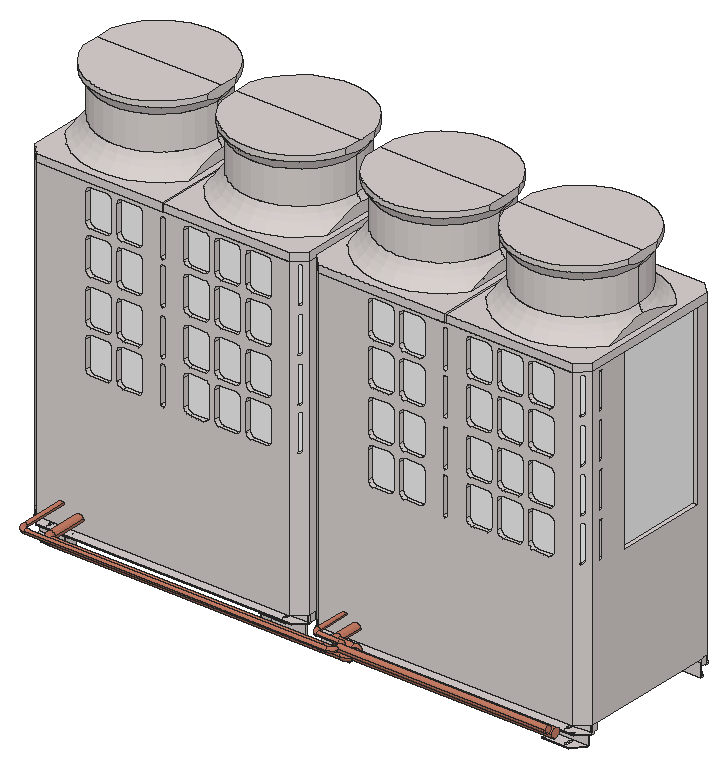
Revit family "PURY-EP850YSNW-A1", category 機械設備, Revit 2016
Family settings
  パーツ タイプ = 標準
  丸型コネクタ寸法 = 半径を使用
  OmniClass 番号 = 23.75.00.00
  OmniClass タイトル = Climate Control (HVAC)
  作業面に基づく = いいえ
  常に垂直 = はい
  ロード時にボイドで切り取り = いいえ
  共有 = いいえ
  部屋の計算ポイント = いいえ
Parameters (values of type "PURY-EP850YSNW-A1_415V_60Hz")
  WarrantyStart = ""
  Temp. range of cooling (Outdoor temp.) (D.B.) = "-5.0 to 52.0"
  Temp. range of cooling (Indoor temp.) (W.B.) = "15.0 to 24.0"
  TagNumber = 0
  SerialNumber = 0
  ReplacementYear = ""
  Outdoor unit 2 Breaker size (A) = 60
  Outdoor unit 1 Breaker size (A) = 60
  Note_1 = "Refrigerant pipe diameters may change depending on the installation condition. Please refer to the installation manual."
  モデル = "PURY-EP850YSNW-A1"
  Width = 2510.000 mm
  Voltage = 415 V
  Unit Weight (kg) = 577
  URL = "http://www.mitsubishielectric.com/"
  Temp. range of heating (Outdoor temp.) (W.B.) = "-20.0 to 15.5"
  Temp. range of heating (Indoor temp.) (D.B.) = "15.0 to 27.0"
  Subcategory = "HVAC"
  Space View = yes
  Sound Pressure Level (dB(A)) Heating mode = 72.5
  Sound Pressure Level (dB(A)) Cooling mode = 68.5
  Refrigerant type = "R410A"
  Refrigerant Charge (kg) = 18.8
  Protection Devices_Inverter circuit (COMP./FAN) = "Over-current protection"
  Protection Devices_High pressure (MPa) = "High pressure sensor, High pressure switch at 4.15"
  Phase = 3
  製造元 = "Mitsubishi Electric Corporation"
  Outdoor unit 2 = PURY-EP400YNW-A1 : PURY-EP400YNW-A1
  Outdoor unit 1 = PURY-EP450YNW-A1 : PURY-EP450YNW-A1
  Maximum Circuit Ampacity (A) = 65.3
  Low pressure pipe_radius = 20.640 mm
  InstallationDate = "0"
  Indoor Unit Total Capacity = "50 to 150% of outdoor unit capacity"
  Indoor Unit Model/Quantity = "P10 to P250/2 to 50"
  High pressure pipe_radius = 14.290 mm
  Hertz = 60 Hz
  Height = 1858.000 mm
  Heating SCOP (kW/kW) = 3.98
  Heating Rated Load Ampacity (A) = 45.8
  Heating Power Input (kW) = 29.67
  Heating Power Input (Nominal) (kW) = 24.61
  Heating Current Input (Nominal) (A) = 38
  Heating Current Input (A) = 45.8
  Heating Capacity (kW) = 108
  Heating Capacity (Nominal) (kW) = 96
  Heating COP (kW/kW) = 3.64
  Heating COP (Nominal) (kW/kW) = 3.9
  Fan_Type = "Propeller Fan"
  Fan_Quantity = 4
  Fan Motor Output (kW) = 1.84
  External static pressure (Pa) = 0
  External Finish = "Pre-coated galvanized steel sheets (+powder coating for -BS type) <MUNSELL 5Y 8/1 or similar>"
  Equip_description = "0"
  Equip_No. = 0
  Equip_ID = "0"
  Description = "0"
  Depth = 740.000 mm
  CreatedOn = "0"
  CreatedBy = "0"
  Cooling SEER (kW/kW) = 6.52
  Cooling Rated Load Ampacity (A) = 43.3
  Cooling Power Input (kW) = 28.07
  Cooling EER (kW/kW) = 3.42
  Cooling Current Input (A) = 43.3
  Cooling Capacity (kW) = 96
  Compressor_Type = "Inverter scroll hermetic compressor"
  Compressor_Quantity = 2
  Compressor_Lubricant = "MEL32"
  Compressor Motor Output (kW) = 22.5
  Category = "0"
  Barcode = "0"
  AssetIdentifier = "0"
  Airflow Rate (m3/min) = 630
  Airflow Rate (m3/h) = 37800
Reference planes
  plane 1 "Center (Front/Back)": y = 0
  plane 2: z = 0
  plane 3 "Center (Left/Right)": x = 0
  plane 4: y = 370
  plane 5 "front": y = -370
  plane 6: x = -1255
  plane 7: x = 1255
  plane 8: x = 15
  plane 9: x = -15
  plane 10: z = 1858
Forms (mm)
  Sweep 1, solid, material "Copper"
    path origin (1017.215, -4.248, 187) x (0, -1, 0) y (1, 0, 0)
      loop
        line (360, -2112.386) -> (570, -2112.386)
        arc (570, -2112.386) -> (591.213, -2103.6) -> (600, -2082.386) r 30
        line (600, -2082.386) -> (600, -725.507)
        arc (600, -725.507) -> (594.142, -711.365) -> (580, -705.507) r 20
        line (580, -705.507) -> (552.385, -705.507)
        arc (552.385, -705.507) -> (538.243, -711.365) -> (532.385, -725.507) r 20
        line (532.385, -725.507) -> (532.385, -821.501)
        arc (532.385, -821.501) -> (526.527, -835.643) -> (512.385, -841.501) r 20
        line (512.385, -841.501) -> (357.385, -841.501)
    profile origin (-1095.172, -469.248, 187) x (1, 0, 0) y (0, 0, 1)
      loop
        circle (0, 0) r 9.525
  Sweep 2, solid, material "Copper"
    path origin (1039.386, -4.248, 155) x (0, -1, 0) y (1, 0, 0)
      loop
        line (360, -2053) -> (525, -2053)
        arc (525, -2053) -> (546.213, -2044.213) -> (555, -2023) r 30
        line (555, -2023) -> (555, -800.253) -> (555, -715.253)
        arc (555, -715.253) -> (549.142, -701.111) -> (535, -695.253) r 20
        line (535, -695.253) -> (510, -695.253)
        arc (510, -695.253) -> (495.858, -701.111) -> (490, -715.253) r 20
        line (490, -715.253) -> (490, -786.253)
        arc (490, -786.253) -> (484.142, -800.395) -> (470, -806.253) r 20
        line (470, -806.253) -> (360, -806.253)
    profile origin (-1013.614, -446.748, 155) x (1, 0, 0) y (0, 0, 1)
      loop
        circle (0, 0) r 17.465
  Sweep 3, solid, material "Copper"
    path origin (934.386, -4.248, 187) x (0, -1, 0) y (1, 0, 0)
      loop
        line (565.96, -620) -> (565.96, 320.614)
    profile origin (784.693, -570.208, 187) x (0, 1, 0) y (0, 0, 1)
      loop
        circle (0, 0) r 14.29
  Sweep 4, solid, material "Copper"
    path origin (934.386, -4.248, 155.027) x (-1, 0, 0) y (0, -1, 0)
      loop
        line (585, 523.84) -> (-320, 523.84)
    profile origin (801.886, -528.088, 155.027) x (0, 1, 0) y (0, 0, 1)
      loop
        circle (0, 0) r 20.64
Dimensions and locks
  nested 1 to nested 1 = 1240.000 mm
  nested 1 to nested 2 to nested 2 = 30.000 mm, 1240.000 mm
  "High pressure pipe_radius": radius of Sweep 3 sketch curve
  "Low pressure pipe_radius": radius of Sweep 4 sketch curve
  aligned and locked: level to plane 2
Automatic sketch dimensions
  Sweep 1 sketch curve to plane 5 "front" = 8.366 mm
  Sweep 1 sketch curve to plane 5 "front" = 5.752 mm
  plane 5 "front" to Sweep 1 sketch curve = 146.634 mm
  Sweep 1 sketch curve to Sweep 1 sketch curve = 20.000 mm  (x2)
  plane 5 "front" to Sweep 1 sketch curve = 204.248 mm
  Sweep 1 sketch curve to Sweep 1 sketch curve = 27.615 mm
  Sweep 1 sketch curve to Sweep 1 sketch curve = 30.000 mm
  plane 6 to Sweep 1 sketch curve = 159.828 mm
  plane 3 "Center (Left/Right)" to Sweep 1 sketch curve = 175.714 mm
  Sweep 1 sketch curve to Sweep 1 sketch curve = 95.994 mm
  profile plane to Sweep 1 sketch curve = 0.000 mm
  Sweep 1 sketch curve to profile plane = 0.000 mm
  Sweep 2 sketch curve to plane 5 "front" = 5.752 mm  (x2)
  plane 5 "front" to Sweep 2 sketch curve = 104.248 mm
  Sweep 2 sketch curve to Sweep 2 sketch curve = 20.000 mm  (x3)
  plane 5 "front" to Sweep 2 sketch curve = 159.248 mm
  Sweep 2 sketch curve to Sweep 2 sketch curve = 25.000 mm
  plane 6 to Sweep 2 sketch curve = 241.386 mm
  plane 3 "Center (Left/Right)" to Sweep 2 sketch curve = 239.134 mm
  Sweep 2 sketch curve to Sweep 2 sketch curve = 6.000 mm
  Sweep 2 sketch curve to Sweep 2 sketch curve = 71.000 mm
  profile plane to Sweep 2 sketch curve = 0.000 mm
  Sweep 2 sketch curve to profile plane = 0.000 mm
  Sweep 3 sketch curve to plane 7 = 0.000 mm
  plane 5 "front" to Sweep 3 sketch curve = 200.208 mm
  plane 8 to Sweep 3 sketch curve = 299.386 mm
  Sweep 4 sketch curve to plane 7 = 0.614 mm
  plane 5 "front" to Sweep 4 sketch curve = 158.088 mm
  plane 8 to Sweep 4 sketch curve = 334.386 mm
  Sweep 3 sketch curve to profile plane = 0.000 mm  (x2)
  Sweep 4 sketch curve to profile plane = 0.000 mm  (x2)
  radius of Sweep 1 sketch curve = 9.525 mm
  radius of Sweep 2 sketch curve = 17.465 mm
Nested families
  nested 1: "PURY-EP450YNW-A1" at (-635, 0, 0), type <- "Outdoor unit 1", type "PURY-EP450YNW-A1"
  nested 2: "PURY-EP400YNW-A1" at (635, 0, 0), type <- "Outdoor unit 2", type "PURY-EP400YNW-A1"
Connectors
  piping at (1254.386, -528.088, 155.027), diameter 41.28, driven by "Low pressure pipe_radius"
    settings: on Sweep 4, index 1, connector inside diameter 41.28 mm, connector length 0.000 mm, flow factor 0, pipe flow 0.0 L/s, pressure drop 0.0 Pa, fitting loss kfactor 0, connector angle 0.00°, fixture units 0, engagement length 0.000 mm, angle of deflection 0.00°, flow configuration 0, flow direction 0, fitting loss method 0, system type 22, joint type 0, gender type 0, connector reference index -1, connector utility 0, adjustable connector no, is connector primary yes, connector description "BC controller-Twinning pipe(Low pressure)"
  piping at (1255, -570.208, 187), diameter 28.58, driven by "High pressure pipe_radius"
    settings: on Sweep 3, index 2, connector inside diameter 28.58 mm, connector length 0.000 mm, flow factor 0, pipe flow 0.0 L/s, pressure drop 0.0 Pa, fitting loss kfactor 0, connector angle 0.00°, fixture units 0, engagement length 0.000 mm, angle of deflection 0.00°, flow configuration 0, flow direction 0, fitting loss method 0, system type 22, joint type 0, gender type 0, connector reference index -1, connector utility 0, adjustable connector no, is connector primary no, connector description "BC controller-Twinning pipe(High pressure)"
  electrical at (319, -370, 280), driven by "Phase", driven by "Voltage"
    settings: index 4, voltage 415 V, apparent load 0 VA, apparent load phase1 0 VA, apparent load phase2 0 VA, apparent load phase3 0 VA, power factor 1, load classification "HVAC", number of poles 3, system type 30, power factor state 1, is connector primary yes, connector utility no, sub classification motor no, connector description ""
  electrical at (-633, -370, 280), driven by "Phase", driven by "Voltage"
    settings: index 5, voltage 415 V, apparent load 0 VA, apparent load phase1 0 VA, apparent load phase2 0 VA, apparent load phase3 0 VA, power factor 1, load classification "HVAC", number of poles 3, system type 30, power factor state 1, is connector primary no, connector utility no, sub classification motor no, connector description ""
Definition of nested family "PURY-EP450YNW-A1"
  Parameters
    Model = "PURY-P450YNW-A"
    URL = "http://www.mitsubishielectric.com/"
    Manufacturer = "Mitsubishi Electric Corporation"
    Liquid pipe_radius = 12.700 mm
    Gas pipe_radius = 14.290 mm
  Reference planes
    plane 1 "Center (Front/Back)": y = 0
    plane 2: z = 0
    plane 3 "Center (Left/Right)": x = 0
    plane 4: y = 370
    plane 5: z = 1858
    plane 6: y = -260
    plane 7: y = -204
    plane 8: y = -185
    plane 9: x = -620
    plane 10: x = 620
    plane 11: x = -620
    plane 12: z = 716
    plane 13: x = -524
    plane 14: z = 669
    plane 15: x = -50.5
    plane 16: x = 51
    plane 17: x = 489
    plane 18: x = 467
    plane 19 "132": x = 488
    plane 20 "100": z = 160
    plane 21: z = 185
    plane 22: x = 413
    plane 23: x = 364
    plane 24: z = 150
    plane 25: x = -287.25
    plane 26: x = -137.25
    plane 27: x = -272.25
    plane 28: y = -278
    plane 29: z = 1509
    plane 30: y = -370
    plane 31: x = -530
    plane 32: x = 530
    plane 33 "179": y = -191
  Forms (mm)
    Extrusion 1, solid
      sketch origin (-1, 0, 113) x (-1, 0, 0) y (0, -1, 0)
        loop
          line (569, -370) -> (619, -320) -> (619, 320) -> (569, 370) -> (-571, 370) -> (-621, 320) -> (-621, -320) -> (-571, -370) -> (569, -370)
      from -18 to 1408
    Extrusion 2, void
      sketch origin (524, -370, 113) x (1, 0, 0) y (0, 0, -1)
        loop
          arc (-60.8, -1393.5) -> (-42.557, -1385.943) -> (-35, -1367.7) r 25.8
          line (-35, -1367.7) -> (-35, -1248.5)
          arc (-35, -1248.5) -> (-42.557, -1230.257) -> (-60.8, -1222.7) r 25.8
          line (-60.8, -1222.7) -> (-126, -1222.7)
          arc (-126, -1222.7) -> (-144.243, -1230.257) -> (-151.8, -1248.5) r 25.8
          line (-151.8, -1248.5) -> (-151.8, -1367.7)
          arc (-151.8, -1367.7) -> (-144.243, -1385.943) -> (-126, -1393.5) r 25.8
          line (-126, -1393.5) -> (-60.8, -1393.5)
      from 0 to 20
    Extrusion 3, void
      sketch origin (524, -370, -81) x (1, 0, 0) y (0, 0, -1)
        loop
          arc (-60.8, -1393.5) -> (-42.557, -1385.943) -> (-35, -1367.7) r 25.8
          line (-35, -1367.7) -> (-35, -1248.5)
          arc (-35, -1248.5) -> (-42.557, -1230.257) -> (-60.8, -1222.7) r 25.8
          line (-60.8, -1222.7) -> (-126, -1222.7)
          arc (-126, -1222.7) -> (-144.243, -1230.257) -> (-151.8, -1248.5) r 25.8
          line (-151.8, -1248.5) -> (-151.8, -1367.7)
          arc (-151.8, -1367.7) -> (-144.243, -1385.943) -> (-126, -1393.5) r 25.8
          line (-126, -1393.5) -> (-60.8, -1393.5)
      from 0 to 20
    Extrusion 4, void
      sketch origin (524, -370, -287) x (1, 0, 0) y (0, 0, -1)
        loop
          arc (-60.8, -1393.5) -> (-42.557, -1385.943) -> (-35, -1367.7) r 25.8
          line (-35, -1367.7) -> (-35, -1248.5)
          arc (-35, -1248.5) -> (-42.557, -1230.257) -> (-60.8, -1222.7) r 25.8
          line (-60.8, -1222.7) -> (-126, -1222.7)
          arc (-126, -1222.7) -> (-144.243, -1230.257) -> (-151.8, -1248.5) r 25.8
          line (-151.8, -1248.5) -> (-151.8, -1367.7)
          arc (-151.8, -1367.7) -> (-144.243, -1385.943) -> (-126, -1393.5) r 25.8
          line (-126, -1393.5) -> (-60.8, -1393.5)
      from 0 to 20
    Extrusion 5, void
      sketch origin (524, -370, -481) x (1, 0, 0) y (0, 0, -1)
        loop
          arc (-60.8, -1393.5) -> (-42.557, -1385.943) -> (-35, -1367.7) r 25.8
          line (-35, -1367.7) -> (-35, -1248.5)
          arc (-35, -1248.5) -> (-42.557, -1230.257) -> (-60.8, -1222.7) r 25.8
          line (-60.8, -1222.7) -> (-126, -1222.7)
          arc (-126, -1222.7) -> (-144.243, -1230.257) -> (-151.8, -1248.5) r 25.8
          line (-151.8, -1248.5) -> (-151.8, -1367.7)
          arc (-151.8, -1367.7) -> (-144.243, -1385.943) -> (-126, -1393.5) r 25.8
          line (-126, -1393.5) -> (-60.8, -1393.5)
      from 0 to 20
    Extrusion 6, void
      sketch origin (384, -370, 113) x (1, 0, 0) y (0, 0, -1)
        loop
          arc (-60.8, -1393.5) -> (-42.557, -1385.943) -> (-35, -1367.7) r 25.8
          line (-35, -1367.7) -> (-35, -1248.5)
          arc (-35, -1248.5) -> (-42.557, -1230.257) -> (-60.8, -1222.7) r 25.8
          line (-60.8, -1222.7) -> (-126, -1222.7)
          arc (-126, -1222.7) -> (-144.243, -1230.257) -> (-151.8, -1248.5) r 25.8
          line (-151.8, -1248.5) -> (-151.8, -1367.7)
          arc (-151.8, -1367.7) -> (-144.243, -1385.943) -> (-126, -1393.5) r 25.8
          line (-126, -1393.5) -> (-60.8, -1393.5)
      from 0 to 20
    Extrusion 7, void
      sketch origin (384, -370, -81) x (1, 0, 0) y (0, 0, -1)
        loop
          arc (-60.8, -1393.5) -> (-42.557, -1385.943) -> (-35, -1367.7) r 25.8
          line (-35, -1367.7) -> (-35, -1248.5)
          arc (-35, -1248.5) -> (-42.557, -1230.257) -> (-60.8, -1222.7) r 25.8
          line (-60.8, -1222.7) -> (-126, -1222.7)
          arc (-126, -1222.7) -> (-144.243, -1230.257) -> (-151.8, -1248.5) r 25.8
          line (-151.8, -1248.5) -> (-151.8, -1367.7)
          arc (-151.8, -1367.7) -> (-144.243, -1385.943) -> (-126, -1393.5) r 25.8
          line (-126, -1393.5) -> (-60.8, -1393.5)
      from 0 to 20
    Extrusion 8, void
      sketch origin (384, -370, -287) x (1, 0, 0) y (0, 0, -1)
        loop
          arc (-60.8, -1393.5) -> (-42.557, -1385.943) -> (-35, -1367.7) r 25.8
          line (-35, -1367.7) -> (-35, -1248.5)
          arc (-35, -1248.5) -> (-42.557, -1230.257) -> (-60.8, -1222.7) r 25.8
          line (-60.8, -1222.7) -> (-126, -1222.7)
          arc (-126, -1222.7) -> (-144.243, -1230.257) -> (-151.8, -1248.5) r 25.8
          line (-151.8, -1248.5) -> (-151.8, -1367.7)
          arc (-151.8, -1367.7) -> (-144.243, -1385.943) -> (-126, -1393.5) r 25.8
          line (-126, -1393.5) -> (-60.8, -1393.5)
      from 0 to 20
    Extrusion 9, void
      sketch origin (384, -370, -481) x (1, 0, 0) y (0, 0, -1)
        loop
          arc (-60.8, -1393.5) -> (-42.557, -1385.943) -> (-35, -1367.7) r 25.8
          line (-35, -1367.7) -> (-35, -1248.5)
          arc (-35, -1248.5) -> (-42.557, -1230.257) -> (-60.8, -1222.7) r 25.8
          line (-60.8, -1222.7) -> (-126, -1222.7)
          arc (-126, -1222.7) -> (-144.243, -1230.257) -> (-151.8, -1248.5) r 25.8
          line (-151.8, -1248.5) -> (-151.8, -1367.7)
          arc (-151.8, -1367.7) -> (-144.243, -1385.943) -> (-126, -1393.5) r 25.8
          line (-126, -1393.5) -> (-60.8, -1393.5)
      from 0 to 20
    Extrusion 10, void
      sketch origin (244, -370, 113) x (1, 0, 0) y (0, 0, -1)
        loop
          arc (-60.8, -1393.5) -> (-42.557, -1385.943) -> (-35, -1367.7) r 25.8
          line (-35, -1367.7) -> (-35, -1248.5)
          arc (-35, -1248.5) -> (-42.557, -1230.257) -> (-60.8, -1222.7) r 25.8
          line (-60.8, -1222.7) -> (-126, -1222.7)
          arc (-126, -1222.7) -> (-144.243, -1230.257) -> (-151.8, -1248.5) r 25.8
          line (-151.8, -1248.5) -> (-151.8, -1367.7)
          arc (-151.8, -1367.7) -> (-144.243, -1385.943) -> (-126, -1393.5) r 25.8
          line (-126, -1393.5) -> (-60.8, -1393.5)
      from 0 to 20
    Extrusion 11, void
      sketch origin (244, -370, -81) x (1, 0, 0) y (0, 0, -1)
        loop
          arc (-60.8, -1393.5) -> (-42.557, -1385.943) -> (-35, -1367.7) r 25.8
          line (-35, -1367.7) -> (-35, -1248.5)
          arc (-35, -1248.5) -> (-42.557, -1230.257) -> (-60.8, -1222.7) r 25.8
          line (-60.8, -1222.7) -> (-126, -1222.7)
          arc (-126, -1222.7) -> (-144.243, -1230.257) -> (-151.8, -1248.5) r 25.8
          line (-151.8, -1248.5) -> (-151.8, -1367.7)
          arc (-151.8, -1367.7) -> (-144.243, -1385.943) -> (-126, -1393.5) r 25.8
          line (-126, -1393.5) -> (-60.8, -1393.5)
      from 0 to 20
    Extrusion 12, void
      sketch origin (244, -370, -287) x (1, 0, 0) y (0, 0, -1)
        loop
          arc (-60.8, -1393.5) -> (-42.557, -1385.943) -> (-35, -1367.7) r 25.8
          line (-35, -1367.7) -> (-35, -1248.5)
          arc (-35, -1248.5) -> (-42.557, -1230.257) -> (-60.8, -1222.7) r 25.8
          line (-60.8, -1222.7) -> (-126, -1222.7)
          arc (-126, -1222.7) -> (-144.243, -1230.257) -> (-151.8, -1248.5) r 25.8
          line (-151.8, -1248.5) -> (-151.8, -1367.7)
          arc (-151.8, -1367.7) -> (-144.243, -1385.943) -> (-126, -1393.5) r 25.8
          line (-126, -1393.5) -> (-60.8, -1393.5)
      from 0 to 20
    Extrusion 13, void
      sketch origin (244, -370, -481) x (1, 0, 0) y (0, 0, -1)
        loop
          arc (-60.8, -1393.5) -> (-42.557, -1385.943) -> (-35, -1367.7) r 25.8
          line (-35, -1367.7) -> (-35, -1248.5)
          arc (-35, -1248.5) -> (-42.557, -1230.257) -> (-60.8, -1222.7) r 25.8
          line (-60.8, -1222.7) -> (-126, -1222.7)
          arc (-126, -1222.7) -> (-144.243, -1230.257) -> (-151.8, -1248.5) r 25.8
          line (-151.8, -1248.5) -> (-151.8, -1367.7)
          arc (-151.8, -1367.7) -> (-144.243, -1385.943) -> (-126, -1393.5) r 25.8
          line (-126, -1393.5) -> (-60.8, -1393.5)
      from 0 to 20
    Extrusion 14, void
      sketch origin (-56, -370, 113) x (1, 0, 0) y (0, 0, -1)
        loop
          arc (-60.8, -1393.5) -> (-42.557, -1385.943) -> (-35, -1367.7) r 25.8
          line (-35, -1367.7) -> (-35, -1248.5)
          arc (-35, -1248.5) -> (-42.557, -1230.257) -> (-60.8, -1222.7) r 25.8
          line (-60.8, -1222.7) -> (-126, -1222.7)
          arc (-126, -1222.7) -> (-144.243, -1230.257) -> (-151.8, -1248.5) r 25.8
          line (-151.8, -1248.5) -> (-151.8, -1367.7)
          arc (-151.8, -1367.7) -> (-144.243, -1385.943) -> (-126, -1393.5) r 25.8
          line (-126, -1393.5) -> (-60.8, -1393.5)
      from 0 to 20
    Extrusion 15, void
      sketch origin (-56, -370, -81) x (1, 0, 0) y (0, 0, -1)
        loop
          arc (-60.8, -1393.5) -> (-42.557, -1385.943) -> (-35, -1367.7) r 25.8
          line (-35, -1367.7) -> (-35, -1248.5)
          arc (-35, -1248.5) -> (-42.557, -1230.257) -> (-60.8, -1222.7) r 25.8
          line (-60.8, -1222.7) -> (-126, -1222.7)
          arc (-126, -1222.7) -> (-144.243, -1230.257) -> (-151.8, -1248.5) r 25.8
          line (-151.8, -1248.5) -> (-151.8, -1367.7)
          arc (-151.8, -1367.7) -> (-144.243, -1385.943) -> (-126, -1393.5) r 25.8
          line (-126, -1393.5) -> (-60.8, -1393.5)
      from 0 to 20
    Extrusion 16, void
      sketch origin (-56, -370, -287) x (1, 0, 0) y (0, 0, -1)
        loop
          arc (-60.8, -1393.5) -> (-42.557, -1385.943) -> (-35, -1367.7) r 25.8
          line (-35, -1367.7) -> (-35, -1248.5)
          arc (-35, -1248.5) -> (-42.557, -1230.257) -> (-60.8, -1222.7) r 25.8
          line (-60.8, -1222.7) -> (-126, -1222.7)
          arc (-126, -1222.7) -> (-144.243, -1230.257) -> (-151.8, -1248.5) r 25.8
          line (-151.8, -1248.5) -> (-151.8, -1367.7)
          arc (-151.8, -1367.7) -> (-144.243, -1385.943) -> (-126, -1393.5) r 25.8
          line (-126, -1393.5) -> (-60.8, -1393.5)
      from 0 to 20
    Extrusion 17, void
      sketch origin (-56, -370, -481) x (1, 0, 0) y (0, 0, -1)
        loop
          arc (-60.8, -1393.5) -> (-42.557, -1385.943) -> (-35, -1367.7) r 25.8
          line (-35, -1367.7) -> (-35, -1248.5)
          arc (-35, -1248.5) -> (-42.557, -1230.257) -> (-60.8, -1222.7) r 25.8
          line (-60.8, -1222.7) -> (-126, -1222.7)
          arc (-126, -1222.7) -> (-144.243, -1230.257) -> (-151.8, -1248.5) r 25.8
          line (-151.8, -1248.5) -> (-151.8, -1367.7)
          arc (-151.8, -1367.7) -> (-144.243, -1385.943) -> (-126, -1393.5) r 25.8
          line (-126, -1393.5) -> (-60.8, -1393.5)
      from 0 to 20
    Extrusion 18, void
      sketch origin (-196, -370, 113) x (1, 0, 0) y (0, 0, -1)
        loop
          arc (-60.8, -1393.5) -> (-42.557, -1385.943) -> (-35, -1367.7) r 25.8
          line (-35, -1367.7) -> (-35, -1248.5)
          arc (-35, -1248.5) -> (-42.557, -1230.257) -> (-60.8, -1222.7) r 25.8
          line (-60.8, -1222.7) -> (-126, -1222.7)
          arc (-126, -1222.7) -> (-144.243, -1230.257) -> (-151.8, -1248.5) r 25.8
          line (-151.8, -1248.5) -> (-151.8, -1367.7)
          arc (-151.8, -1367.7) -> (-144.243, -1385.943) -> (-126, -1393.5) r 25.8
          line (-126, -1393.5) -> (-60.8, -1393.5)
      from 0 to 20
    Extrusion 19, void
      sketch origin (-196, -370, -81) x (1, 0, 0) y (0, 0, -1)
        loop
          arc (-60.8, -1393.5) -> (-42.557, -1385.943) -> (-35, -1367.7) r 25.8
          line (-35, -1367.7) -> (-35, -1248.5)
          arc (-35, -1248.5) -> (-42.557, -1230.257) -> (-60.8, -1222.7) r 25.8
          line (-60.8, -1222.7) -> (-126, -1222.7)
          arc (-126, -1222.7) -> (-144.243, -1230.257) -> (-151.8, -1248.5) r 25.8
          line (-151.8, -1248.5) -> (-151.8, -1367.7)
          arc (-151.8, -1367.7) -> (-144.243, -1385.943) -> (-126, -1393.5) r 25.8
          line (-126, -1393.5) -> (-60.8, -1393.5)
      from 0 to 20
    Extrusion 20, void
      sketch origin (-196, -370, -287) x (1, 0, 0) y (0, 0, -1)
        loop
          arc (-60.8, -1393.5) -> (-42.557, -1385.943) -> (-35, -1367.7) r 25.8
          line (-35, -1367.7) -> (-35, -1248.5)
          arc (-35, -1248.5) -> (-42.557, -1230.257) -> (-60.8, -1222.7) r 25.8
          line (-60.8, -1222.7) -> (-126, -1222.7)
          arc (-126, -1222.7) -> (-144.243, -1230.257) -> (-151.8, -1248.5) r 25.8
          line (-151.8, -1248.5) -> (-151.8, -1367.7)
          arc (-151.8, -1367.7) -> (-144.243, -1385.943) -> (-126, -1393.5) r 25.8
          line (-126, -1393.5) -> (-60.8, -1393.5)
      from 0 to 20
    Extrusion 21, void
      sketch origin (-196, -370, -481) x (1, 0, 0) y (0, 0, -1)
        loop
          arc (-60.8, -1393.5) -> (-42.557, -1385.943) -> (-35, -1367.7) r 25.8
          line (-35, -1367.7) -> (-35, -1248.5)
          arc (-35, -1248.5) -> (-42.557, -1230.257) -> (-60.8, -1222.7) r 25.8
          line (-60.8, -1222.7) -> (-126, -1222.7)
          arc (-126, -1222.7) -> (-144.243, -1230.257) -> (-151.8, -1248.5) r 25.8
          line (-151.8, -1248.5) -> (-151.8, -1367.7)
          arc (-151.8, -1367.7) -> (-144.243, -1385.943) -> (-126, -1393.5) r 25.8
          line (-126, -1393.5) -> (-60.8, -1393.5)
      from 0 to 20
    Extrusion 22, void
      sketch origin (620, 320, 113) x (0, 1, 0) y (0, 0, -1)
        loop
          line (-462.3, -1408) -> (-50.8, -1408) -> (-50.8, -612) -> (-462.3, -612) -> (-462.3, -1408)
      from 0 to 20
    Extrusion 23, void
      sketch origin (-620, -320, 113) x (0, -1, 0) y (0, 0, -1)
        loop
          line (-535.7, -1408) -> (-207.7, -1408) -> (-207.7, -592) -> (-535.7, -592) -> (-535.7, -1408)
      from 0 to 20
    Extrusion 24, void
      sketch origin (194.892, 370, 113) x (-1, 0, 0) y (0, 0, -1)
        loop
          arc (204.892, -1225.013) -> (194.892, -1215.013) -> (184.892, -1225.013) r 10
          line (184.892, -1225.013) -> (184.892, -1379.987)
          arc (184.892, -1379.987) -> (194.892, -1389.987) -> (204.892, -1379.987) r 10
          line (204.892, -1379.987) -> (204.892, -1225.013)
        loop
          arc (204.892, -1031.013) -> (194.892, -1021.013) -> (184.892, -1031.013) r 10
          line (184.892, -1031.013) -> (184.892, -1185.987)
          arc (184.892, -1185.987) -> (194.892, -1195.987) -> (204.892, -1185.987) r 10
          line (204.892, -1185.987) -> (204.892, -1031.013)
        loop
          arc (204.892, -825.013) -> (194.892, -815.013) -> (184.892, -825.013) r 10
          line (184.892, -825.013) -> (184.892, -979.987)
          arc (184.892, -979.987) -> (194.892, -989.987) -> (204.892, -979.987) r 10
          line (204.892, -979.987) -> (204.892, -825.013)
        loop
          arc (204.892, -631.013) -> (194.892, -621.013) -> (184.892, -631.013) r 10
          line (184.892, -631.013) -> (184.892, -785.987)
          arc (184.892, -785.987) -> (194.892, -795.987) -> (204.892, -785.987) r 10
          line (204.892, -785.987) -> (204.892, -631.013)
      from 0 to 20
    Extrusion 25, void
      sketch origin (-570, 370, 113) x (0.707107, 0.707107, 0) y (0, 0, 1)
        loop
          arc (-45.355, 1236) -> (-35.355, 1226) -> (-25.355, 1236) r 10
          line (-25.355, 1236) -> (-25.355, 1386)
          arc (-25.355, 1386) -> (-35.355, 1396) -> (-45.355, 1386) r 10
          line (-45.355, 1386) -> (-45.355, 1236)
        loop
          arc (-45.355, 1036) -> (-35.355, 1026) -> (-25.355, 1036) r 10
          line (-25.355, 1036) -> (-25.355, 1186)
          arc (-25.355, 1186) -> (-35.355, 1196) -> (-45.355, 1186) r 10
          line (-45.355, 1186) -> (-45.355, 1036)
        loop
          arc (-45.355, 836) -> (-35.355, 826) -> (-25.355, 836) r 10
          line (-25.355, 836) -> (-25.355, 986)
          arc (-25.355, 986) -> (-35.355, 996) -> (-45.355, 986) r 10
          line (-45.355, 986) -> (-45.355, 836)
        loop
          arc (-45.355, 641) -> (-35.355, 631) -> (-25.355, 641) r 10
          line (-25.355, 641) -> (-25.355, 791)
          arc (-25.355, 791) -> (-35.355, 801) -> (-45.355, 791) r 10
          line (-45.355, 791) -> (-45.355, 641)
      from 0 to 20
    Extrusion 26, void
      sketch origin (-620, -320, 113) x (0, -1, 0) y (0, 0, -1)
        loop
          line (-607.846, -1035.895) -> (-607.846, -1186.105)
          arc (-607.846, -1186.105) -> (-597.846, -1196.105) -> (-587.846, -1186.105) r 10
          line (-587.846, -1186.105) -> (-587.846, -1035.895)
          arc (-587.846, -1035.895) -> (-597.846, -1025.895) -> (-607.846, -1035.895) r 10
        loop
          line (-607.846, -835.895) -> (-607.846, -986.105)
          arc (-607.846, -986.105) -> (-597.846, -996.105) -> (-587.846, -986.105) r 10
          line (-587.846, -986.105) -> (-587.846, -835.895)
          arc (-587.846, -835.895) -> (-597.846, -825.895) -> (-607.846, -835.895) r 10
        loop
          line (-607.846, -1235.895) -> (-607.846, -1386.105)
          arc (-607.846, -1386.105) -> (-597.846, -1396.105) -> (-587.846, -1386.105) r 10
          line (-587.846, -1386.105) -> (-587.846, -1235.895)
          arc (-587.846, -1235.895) -> (-597.846, -1225.895) -> (-607.846, -1235.895) r 10
        loop
          line (-607.846, -635.895) -> (-607.846, -786.105)
          arc (-607.846, -786.105) -> (-597.846, -796.105) -> (-587.846, -786.105) r 10
          line (-587.846, -786.105) -> (-587.846, -635.895)
          arc (-587.846, -635.895) -> (-597.846, -625.895) -> (-607.846, -635.895) r 10
      from 0 to 20
    Extrusion 27, void
      sketch origin (1079, -370, 113) x (1, 0, 0) y (0, 0, -1)
        loop
          arc (-1089, -1379.975) -> (-1079, -1389.975) -> (-1069, -1379.975) r 10
          line (-1069, -1379.975) -> (-1069, -1225)
          arc (-1069, -1225) -> (-1079, -1215) -> (-1089, -1225) r 10
          line (-1089, -1225) -> (-1089, -1379.975)
        loop
          arc (-1089, -1185.975) -> (-1079, -1195.975) -> (-1069, -1185.975) r 10
          line (-1069, -1185.975) -> (-1069, -1031)
          arc (-1069, -1031) -> (-1079, -1021) -> (-1089, -1031) r 10
          line (-1089, -1031) -> (-1089, -1185.975)
        loop
          arc (-1089, -979.975) -> (-1079, -989.975) -> (-1069, -979.975) r 10
          line (-1069, -979.975) -> (-1069, -825)
          arc (-1069, -825) -> (-1079, -815) -> (-1089, -825) r 10
          line (-1089, -825) -> (-1089, -979.975)
        loop
          arc (-1089, -785.975) -> (-1079, -795.975) -> (-1069, -785.975) r 10
          line (-1069, -785.975) -> (-1069, -631)
          arc (-1069, -631) -> (-1079, -621) -> (-1089, -631) r 10
          line (-1089, -631) -> (-1089, -785.975)
      from 0 to 20
    Extrusion 28, void
      sketch origin (-571, 370, 113) x (-1, 0, 0) y (0, 0, -1)
        loop
          line (-519.5, -1408) -> (-48, -1408) -> (-48, -556) -> (-519.5, -556) -> (-519.5, -1408)
      from 0 to 20
    Extrusion 29, void
      sketch origin (-571, 370, 113) x (-1, 0, 0) y (0, 0, -1)
        loop
          line (-1038, -1408) -> (-622, -1408) -> (-622, -556) -> (-1038, -556) -> (-1038, -1408)
      from 0 to 20
    Extrusion 30, void
      sketch origin (620, 320, 113) x (0, 1, 0) y (0, 0, -1)
        loop
          arc (-588, -1035.791) -> (-598, -1025.791) -> (-608, -1035.791) r 10
          line (-608, -1035.791) -> (-608, -1186)
          arc (-608, -1186) -> (-598, -1196) -> (-588, -1186) r 10
          line (-588, -1186) -> (-588, -1035.791)
        loop
          arc (-588, -835.791) -> (-598, -825.791) -> (-608, -835.791) r 10
          line (-608, -835.791) -> (-608, -986)
          arc (-608, -986) -> (-598, -996) -> (-588, -986) r 10
          line (-588, -986) -> (-588, -835.791)
        loop
          arc (-588, -1235.791) -> (-598, -1225.791) -> (-608, -1235.791) r 10
          line (-608, -1235.791) -> (-608, -1386)
          arc (-608, -1386) -> (-598, -1396) -> (-588, -1386) r 10
          line (-588, -1386) -> (-588, -1235.791)
        loop
          arc (-588, -635.791) -> (-598, -625.791) -> (-608, -635.791) r 10
          line (-608, -635.791) -> (-608, -786)
          arc (-608, -786) -> (-598, -796) -> (-588, -786) r 10
          line (-588, -786) -> (-588, -635.791)
      from 0 to 20
    Extrusion 31, void
      sketch origin (1291.751, 351.751, 113) x (0.707107, 0.707107, 0) y (0, 0, -1)
        loop
          line (-995.311, -1236) -> (-995.311, -1386)
          arc (-995.311, -1386) -> (-985.311, -1396) -> (-975.311, -1386) r 10
          line (-975.311, -1386) -> (-975.311, -1236)
          arc (-975.311, -1236) -> (-985.311, -1226) -> (-995.311, -1236) r 10
        loop
          line (-995.311, -1036) -> (-995.311, -1186)
          arc (-995.311, -1186) -> (-985.311, -1196) -> (-975.311, -1186) r 10
          line (-975.311, -1186) -> (-975.311, -1036)
          arc (-975.311, -1036) -> (-985.311, -1026) -> (-995.311, -1036) r 10
        loop
          line (-995.311, -836) -> (-995.311, -986)
          arc (-995.311, -986) -> (-985.311, -996) -> (-975.311, -986) r 10
          line (-975.311, -986) -> (-975.311, -836)
          arc (-975.311, -836) -> (-985.311, -826) -> (-995.311, -836) r 10
        loop
          line (-995.311, -641) -> (-995.311, -791)
          arc (-995.311, -791) -> (-985.311, -801) -> (-975.311, -791) r 10
          line (-975.311, -791) -> (-975.311, -641)
          arc (-975.311, -641) -> (-985.311, -631) -> (-995.311, -641) r 10
      from 0 to 20
    Extrusion 32, void
      sketch origin (0, -191, 0) x (-1, 0, 0) y (0, 0, 1)
        loop
          circle (460, 176) r 6.35
      from 0 to 78.7
    Extrusion 33, void
      sketch origin (0, -191, 0) x (-1, 0, 0) y (0, 0, 1)
        loop
          circle (377, 176) r 14.29
      from 0 to 78.7
  Cuts and joins
    Extrusion 2, Extrusion 3, Extrusion 4, Extrusion 5, Extrusion 6, Extrusion 7, Extrusion 8, Extrusion 9, Extrusion 10, Extrusion 11, Extrusion 12, Extrusion 13, Extrusion 14, Extrusion 15, Extrusion 16, Extrusion 17, Extrusion 18, Extrusion 19, Extrusion 20, Extrusion 21, Extrusion 22, Extrusion 23, Extrusion 24, Extrusion 25, Extrusion 26, Extrusion 27, Extrusion 28, Extrusion 29, Extrusion 30, Extrusion 31, Extrusion 32, Extrusion 33 cuts Extrusion 1
  Lines and regions (mm)
    model lines
      curve 1: line (-351, -291, 95) -> (-481, -291, 95)
      curve 2: line (-342, -206, 95) -> (-342, -282, 95)
      curve 3: line (-481, -197, 95) -> (-351, -197, 95)
      curve 4: line (-492, -280, 95) -> (-492, -208, 95)
      curve 5: arc (-492, -280, 95) -> (-488.778, -287.778, 95) -> (-481, -291, 95) r 11
      curve 6: arc (-351, -291, 95) -> (-344.636, -288.364, 95) -> (-342, -282, 95) r 9
      curve 7: arc (-342, -206, 95) -> (-344.636, -199.636, 95) -> (-351, -197, 95) r 9
      curve 8: arc (-481, -197, 95) -> (-488.778, -200.222, 95) -> (-492, -208, 95) r 11
      curve 9: line (-30, -370, 1521) -> (-30, -370, 95)
      curve 10: line (30, -370, 1521) -> (30, -370, 95)
      curve 11: line (-485, -370, 215) -> (-357, -370, 215)
      curve 12: line (-495, -370, 141) -> (-495, -370, 205)
      curve 13: line (-357, -370, 131) -> (-485, -370, 131)
      curve 14: line (-347, -370, 205) -> (-347, -370, 141)
      curve 15: arc (-485, -370, 215) -> (-492.071, -370, 212.071) -> (-495, -370, 205) r 10
      curve 16: arc (-495, -370, 141) -> (-492.071, -370, 133.929) -> (-485, -370, 131) r 10
      curve 17: arc (-357, -370, 131) -> (-349.929, -370, 133.929) -> (-347, -370, 141) r 10
      curve 18: arc (-347, -370, 205) -> (-349.929, -370, 212.071) -> (-357, -370, 215) r 10
      curve 19: line (-405, -370, 1521) -> (-405, -370, 716)
      curve 20: line (620, -162.3, 1521) -> (620, -162.3, 95)
      curve 21: line (620, 289.2, 1521) -> (620, 289.2, 95)
      curve 22: line (620, -162.3, 705) -> (620, 289.2, 705)
      curve 23: line (620, -162.3, 725) -> (620, 289.2, 725)
      curve 24: line (620, -76.8, 583) -> (620, 203.2, 583)
      curve 25: line (620, 203.2, 563) -> (620, -76.8, 563)
      curve 26: arc (620, -76.8, 583) -> (620, -83.871, 580.071) -> (620, -86.8, 573) r 10
      curve 27: arc (620, -76.8, 563) -> (620, -83.871, 565.929) -> (620, -86.8, 573) r 10
      curve 28: arc (620, 203.2, 583) -> (620, 210.271, 580.071) -> (620, 213.2, 573) r 10
      curve 29: arc (620, 203.2, 563) -> (620, 210.271, 565.929) -> (620, 213.2, 573) r 10
      curve 30: line (620, -76.8, 478) -> (620, 203.2, 478)
      curve 31: line (620, 203.2, 458) -> (620, -76.8, 458)
      curve 32: arc (620, -76.8, 478) -> (620, -83.871, 475.071) -> (620, -86.8, 468) r 10
      curve 33: arc (620, -76.8, 458) -> (620, -83.871, 460.929) -> (620, -86.8, 468) r 10
      curve 34: arc (620, 203.2, 478) -> (620, 210.271, 475.071) -> (620, 213.2, 468) r 10
      curve 35: arc (620, 203.2, 458) -> (620, 210.271, 460.929) -> (620, 213.2, 468) r 10
      curve 36: line (620, -76.8, 373) -> (620, 203.2, 373)
      curve 37: line (620, 203.2, 353) -> (620, -76.8, 353)
      curve 38: arc (620, -76.8, 373) -> (620, -83.871, 370.071) -> (620, -86.8, 363) r 10
      curve 39: arc (620, -76.8, 353) -> (620, -83.871, 355.929) -> (620, -86.8, 363) r 10
      curve 40: arc (620, 203.2, 373) -> (620, 210.271, 370.071) -> (620, 213.2, 363) r 10
      curve 41: arc (620, 203.2, 353) -> (620, 210.271, 355.929) -> (620, 213.2, 363) r 10
      curve 42: line (620, -76.8, 268) -> (620, 203.2, 268)
      curve 43: line (620, 203.2, 248) -> (620, -76.8, 248)
      curve 44: arc (620, -76.8, 268) -> (620, -83.871, 265.071) -> (620, -86.8, 258) r 10
      curve 45: arc (620, -76.8, 248) -> (620, -83.871, 250.929) -> (620, -86.8, 258) r 10
      curve 46: arc (620, 203.2, 268) -> (620, 210.271, 265.071) -> (620, 213.2, 258) r 10
      curve 47: arc (620, 203.2, 248) -> (620, 210.271, 250.929) -> (620, 213.2, 258) r 10
      curve 48: line (-620, -162.3, 1521) -> (-620, -162.3, 95)
      curve 49: line (-620, 235.7, 1521) -> (-620, 235.7, 95)
      curve 50: line (-620, -112.3, 1521) -> (-620, -112.3, 705)
      curve 51: line (-620, 215.7, 1521) -> (-620, 215.7, 705)
      curve 52: line (-620, 235.7, 705) -> (-620, -162.3, 705)
      curve 53: line (-620, 176.7, 268) -> (-620, -103.3, 268)
      curve 54: line (-620, -103.3, 248) -> (-620, 176.7, 248)
      curve 55: arc (-620, 186.7, 258) -> (-620, 183.771, 265.071) -> (-620, 176.7, 268) r 10
      curve 56: arc (-620, 176.7, 248) -> (-620, 183.771, 250.929) -> (-620, 186.7, 258) r 10
      curve 57: arc (-620, -103.3, 268) -> (-620, -110.371, 265.071) -> (-620, -113.3, 258) r 10
      curve 58: arc (-620, -113.3, 258) -> (-620, -110.371, 250.929) -> (-620, -103.3, 248) r 10
      curve 59: line (-620, 176.7, 373) -> (-620, -103.3, 373)
      curve 60: line (-620, -103.3, 353) -> (-620, 176.7, 353)
      curve 61: arc (-620, 186.7, 363) -> (-620, 183.771, 370.071) -> (-620, 176.7, 373) r 10
      curve 62: arc (-620, 176.7, 353) -> (-620, 183.771, 355.929) -> (-620, 186.7, 363) r 10
      curve 63: arc (-620, -103.3, 373) -> (-620, -110.371, 370.071) -> (-620, -113.3, 363) r 10
      curve 64: arc (-620, -113.3, 363) -> (-620, -110.371, 355.929) -> (-620, -103.3, 353) r 10
      curve 65: line (-620, 176.7, 478) -> (-620, -103.3, 478)
      curve 66: line (-620, -103.3, 458) -> (-620, 176.7, 458)
      curve 67: arc (-620, 186.7, 468) -> (-620, 183.771, 475.071) -> (-620, 176.7, 478) r 10
      curve 68: arc (-620, 176.7, 458) -> (-620, 183.771, 460.929) -> (-620, 186.7, 468) r 10
      curve 69: arc (-620, -103.3, 478) -> (-620, -110.371, 475.071) -> (-620, -113.3, 468) r 10
      curve 70: arc (-620, -113.3, 468) -> (-620, -110.371, 460.929) -> (-620, -103.3, 458) r 10
      curve 71: line (-620, 176.7, 583) -> (-620, -103.3, 583)
      curve 72: line (-620, -103.3, 563) -> (-620, 176.7, 563)
      curve 73: arc (-620, 186.7, 573) -> (-620, 183.771, 580.071) -> (-620, 176.7, 583) r 10
      curve 74: arc (-620, 176.7, 563) -> (-620, 183.771, 565.929) -> (-620, 186.7, 573) r 10
      curve 75: arc (-620, -103.3, 583) -> (-620, -110.371, 580.071) -> (-620, -113.3, 573) r 10
      curve 76: arc (-620, -113.3, 573) -> (-620, -110.371, 565.929) -> (-620, -103.3, 563) r 10
      curve 77: line (-544, 370, 1521) -> (-544, 370, 95)
      curve 78: line (489, 370, 649) -> (30, 370, 649)
      curve 79: line (-30.5, 370, 649) -> (-544, 370, 649)
      curve 80: line (-147.25, 370, 584) -> (-427.25, 370, 584)
      curve 81: line (-427.25, 370, 564) -> (-147.25, 370, 564)
      curve 82: arc (-137.25, 370, 574) -> (-140.179, 370, 581.071) -> (-147.25, 370, 584) r 10
      curve 83: arc (-147.25, 370, 564) -> (-140.179, 370, 566.929) -> (-137.25, 370, 574) r 10
      curve 84: arc (-427.25, 370, 584) -> (-434.321, 370, 581.071) -> (-437.25, 370, 574) r 10
      curve 85: arc (-437.25, 370, 574) -> (-434.321, 370, 566.929) -> (-427.25, 370, 564) r 10
      curve 86: circle (448, -185, 1521) r 15 normal (0, 0, 1)
      curve 87: circle (468, -185, 95) r 26 normal (0, 0, 1)
      curve 88: circle (448, -260, 95) r 32.5 normal (0, 0, 1)
      curve 89: circle (404, -204, 95) r 17 normal (0, 0, 1)
      curve 90: line (-550, -370, 1521) -> (-550, -370, 95)
      curve 91: line (-550, -370, 716) -> (-30, -370, 716)
      curve 92: line (550, -370, 95) -> (550, -370, 1521)
      curve 93: line (30, -370, 716) -> (550, -370, 716)
      curve 94: line (-30.5, 370, 1521) -> (-30.5, 370, 95)
      curve 95: line (30, 370, 1521) -> (30, 370, 95)
      curve 96: line (489, 370, 1521) -> (489, 370, 95)
      curve 97: line (467, 370, 669) -> (467, 370, 649)
      curve 98: line (-352, -370, 223) -> (-550, -370, 223)
      curve 99: line (-342, -370, 213) -> (-342, -370, 95)
      curve 100: arc (-342, -370, 213) -> (-344.929, -370, 220.071) -> (-352, -370, 223) r 10
      curve 101: circle (488, -370, 160) r 32.5 normal (0, -1, 0)
      curve 102: circle (488, -370, 160) r 20 normal (0, -1, 0)
      curve 103: circle (364, -370, 150) r 17 normal (0, -1, 0)
      curve 104: circle (413, -370, 185) r 26 normal (0, -1, 0)
      curve 105: circle (413, -370, 185) r 13.5 normal (0, -1, 0)
      curve 106: line (352, -370, 223) -> (550, -370, 223)
      curve 107: line (342, -370, 213) -> (342, -370, 95)
      curve 108: arc (342, -370, 213) -> (344.929, -370, 220.071) -> (352, -370, 223) r 10
      curve 109: line (-147.25, 370, 479) -> (-427.25, 370, 479)
      curve 110: line (-427.25, 370, 459) -> (-147.25, 370, 459)
      curve 111: arc (-137.25, 370, 469) -> (-140.179, 370, 476.071) -> (-147.25, 370, 479) r 10
      curve 112: arc (-147.25, 370, 459) -> (-140.179, 370, 461.929) -> (-137.25, 370, 469) r 10
      curve 113: arc (-427.25, 370, 479) -> (-434.321, 370, 476.071) -> (-437.25, 370, 469) r 10
      curve 114: arc (-437.25, 370, 469) -> (-434.321, 370, 461.929) -> (-427.25, 370, 459) r 10
      curve 115: line (-147.25, 370, 374) -> (-427.25, 370, 374)
      curve 116: line (-427.25, 370, 354) -> (-147.25, 370, 354)
      curve 117: arc (-137.25, 370, 364) -> (-140.179, 370, 371.071) -> (-147.25, 370, 374) r 10
      curve 118: arc (-147.25, 370, 354) -> (-140.179, 370, 356.929) -> (-137.25, 370, 364) r 10
      curve 119: arc (-427.25, 370, 374) -> (-434.321, 370, 371.071) -> (-437.25, 370, 364) r 10
      curve 120: arc (-437.25, 370, 364) -> (-434.321, 370, 356.929) -> (-427.25, 370, 354) r 10
      curve 121: line (-147.25, 370, 269) -> (-427.25, 370, 269)
      curve 122: line (-427.25, 370, 249) -> (-147.25, 370, 249)
      curve 123: arc (-137.25, 370, 259) -> (-140.179, 370, 266.071) -> (-147.25, 370, 269) r 10
      curve 124: arc (-147.25, 370, 249) -> (-140.179, 370, 251.929) -> (-137.25, 370, 259) r 10
      curve 125: arc (-427.25, 370, 269) -> (-434.321, 370, 266.071) -> (-437.25, 370, 259) r 10
      curve 126: arc (-437.25, 370, 259) -> (-434.321, 370, 251.929) -> (-427.25, 370, 249) r 10
      curve 127: line (399.5, 370, 584) -> (119.5, 370, 584)
      curve 128: line (119.5, 370, 564) -> (399.5, 370, 564)
      curve 129: arc (409.5, 370, 574) -> (406.571, 370, 581.071) -> (399.5, 370, 584) r 10
      curve 130: arc (399.5, 370, 564) -> (406.571, 370, 566.929) -> (409.5, 370, 574) r 10
      curve 131: arc (119.5, 370, 584) -> (112.429, 370, 581.071) -> (109.5, 370, 574) r 10
      curve 132: arc (109.5, 370, 574) -> (112.429, 370, 566.929) -> (119.5, 370, 564) r 10
      curve 133: line (399.5, 370, 479) -> (119.5, 370, 479)
      curve 134: line (119.5, 370, 459) -> (399.5, 370, 459)
      curve 135: arc (409.5, 370, 469) -> (406.571, 370, 476.071) -> (399.5, 370, 479) r 10
      curve 136: arc (399.5, 370, 459) -> (406.571, 370, 461.929) -> (409.5, 370, 469) r 10
      curve 137: arc (119.5, 370, 479) -> (112.429, 370, 476.071) -> (109.5, 370, 469) r 10
      curve 138: arc (109.5, 370, 469) -> (112.429, 370, 461.929) -> (119.5, 370, 459) r 10
      curve 139: line (399.5, 370, 374) -> (119.5, 370, 374)
      curve 140: line (119.5, 370, 354) -> (399.5, 370, 354)
      curve 141: arc (409.5, 370, 364) -> (406.571, 370, 371.071) -> (399.5, 370, 374) r 10
      curve 142: arc (399.5, 370, 354) -> (406.571, 370, 356.929) -> (409.5, 370, 364) r 10
      curve 143: arc (119.5, 370, 374) -> (112.429, 370, 371.071) -> (109.5, 370, 364) r 10
      curve 144: arc (109.5, 370, 364) -> (112.429, 370, 356.929) -> (119.5, 370, 354) r 10
      curve 145: line (399.5, 370, 269) -> (119.5, 370, 269)
      curve 146: line (119.5, 370, 249) -> (399.5, 370, 249)
      curve 147: arc (409.5, 370, 259) -> (406.571, 370, 266.071) -> (399.5, 370, 269) r 10
      curve 148: arc (399.5, 370, 249) -> (406.571, 370, 251.929) -> (409.5, 370, 259) r 10
      curve 149: arc (119.5, 370, 269) -> (112.429, 370, 266.071) -> (109.5, 370, 259) r 10
      curve 150: arc (109.5, 370, 259) -> (112.429, 370, 251.929) -> (119.5, 370, 249) r 10
      curve 151: line (399.5, -370, 584) -> (119.5, -370, 584)
      curve 152: line (119.5, -370, 564) -> (399.5, -370, 564)
      curve 153: arc (409.5, -370, 574) -> (406.571, -370, 581.071) -> (399.5, -370, 584) r 10
      curve 154: arc (399.5, -370, 564) -> (406.571, -370, 566.929) -> (409.5, -370, 574) r 10
      curve 155: arc (119.5, -370, 584) -> (112.429, -370, 581.071) -> (109.5, -370, 574) r 10
      curve 156: arc (109.5, -370, 574) -> (112.429, -370, 566.929) -> (119.5, -370, 564) r 10
      curve 157: line (399.5, -370, 479) -> (119.5, -370, 479)
      curve 158: line (119.5, -370, 459) -> (399.5, -370, 459)
      curve 159: arc (409.5, -370, 469) -> (406.571, -370, 476.071) -> (399.5, -370, 479) r 10
      curve 160: arc (399.5, -370, 459) -> (406.571, -370, 461.929) -> (409.5, -370, 469) r 10
      curve 161: arc (119.5, -370, 479) -> (112.429, -370, 476.071) -> (109.5, -370, 469) r 10
      curve 162: arc (109.5, -370, 469) -> (112.429, -370, 461.929) -> (119.5, -370, 459) r 10
      curve 163: line (399.5, -370, 374) -> (119.5, -370, 374)
      curve 164: line (119.5, -370, 354) -> (399.5, -370, 354)
      curve 165: arc (409.5, -370, 364) -> (406.571, -370, 371.071) -> (399.5, -370, 374) r 10
      curve 166: arc (399.5, -370, 354) -> (406.571, -370, 356.929) -> (409.5, -370, 364) r 10
      curve 167: arc (119.5, -370, 374) -> (112.429, -370, 371.071) -> (109.5, -370, 364) r 10
      curve 168: arc (109.5, -370, 364) -> (112.429, -370, 356.929) -> (119.5, -370, 354) r 10
      curve 169: arc (119.5, -370, 269) -> (112.429, -370, 266.071) -> (109.5, -370, 259) r 10
      curve 170: arc (109.5, -370, 259) -> (112.429, -370, 251.929) -> (119.5, -370, 249) r 10
      curve 171: line (-147.25, -370, 584) -> (-427.25, -370, 584)
      curve 172: line (-427.25, -370, 564) -> (-147.25, -370, 564)
      curve 173: arc (-137.25, -370, 574) -> (-140.179, -370, 581.071) -> (-147.25, -370, 584) r 10
      curve 174: arc (-147.25, -370, 564) -> (-140.179, -370, 566.929) -> (-137.25, -370, 574) r 10
      curve 175: arc (-427.25, -370, 584) -> (-434.321, -370, 581.071) -> (-437.25, -370, 574) r 10
      curve 176: arc (-437.25, -370, 574) -> (-434.321, -370, 566.929) -> (-427.25, -370, 564) r 10
      curve 177: line (-147.25, -370, 479) -> (-427.25, -370, 479)
      curve 178: line (-427.25, -370, 459) -> (-147.25, -370, 459)
      curve 179: arc (-137.25, -370, 469) -> (-140.179, -370, 476.071) -> (-147.25, -370, 479) r 10
      curve 180: arc (-147.25, -370, 459) -> (-140.179, -370, 461.929) -> (-137.25, -370, 469) r 10
      curve 181: arc (-427.25, -370, 479) -> (-434.321, -370, 476.071) -> (-437.25, -370, 469) r 10
      curve 182: arc (-437.25, -370, 469) -> (-434.321, -370, 461.929) -> (-427.25, -370, 459) r 10
      curve 183: line (-147.25, -370, 374) -> (-427.25, -370, 374)
      curve 184: line (-427.25, -370, 354) -> (-147.25, -370, 354)
      curve 185: arc (-137.25, -370, 364) -> (-140.179, -370, 371.071) -> (-147.25, -370, 374) r 10
      curve 186: arc (-147.25, -370, 354) -> (-140.179, -370, 356.929) -> (-137.25, -370, 364) r 10
      curve 187: arc (-427.25, -370, 374) -> (-434.321, -370, 371.071) -> (-437.25, -370, 364) r 10
      curve 188: arc (-437.25, -370, 364) -> (-434.321, -370, 356.929) -> (-427.25, -370, 354) r 10
      curve 189: line (-147.25, -370, 269) -> (-262.25, -370, 269)
      curve 190: line (-262.25, -370, 249) -> (-147.25, -370, 249)
      curve 191: arc (-137.25, -370, 259) -> (-140.179, -370, 266.071) -> (-147.25, -370, 269) r 10
      curve 192: arc (-147.25, -370, 249) -> (-140.179, -370, 251.929) -> (-137.25, -370, 259) r 10
      curve 193: arc (-262.25, -370, 269) -> (-269.321, -370, 266.071) -> (-272.25, -370, 259) r 10
      curve 194: arc (-272.25, -370, 259) -> (-269.321, -370, 251.929) -> (-262.25, -370, 249) r 10
      curve 195: line (234.5, -370, 269) -> (119.5, -370, 269)
      curve 196: line (119.5, -370, 249) -> (234.5, -370, 249)
      curve 197: arc (244.5, -370, 259) -> (241.571, -370, 266.071) -> (234.5, -370, 269) r 10
      curve 198: arc (234.5, -370, 249) -> (241.571, -370, 251.929) -> (244.5, -370, 259) r 10
  Dimensions and locks
    nested 2 to nested 2 = 303.000 mm
    cut or joined group 1 (Extrusion 1, Extrusion 2, Extrusion 3, Extrusion 4, Extrusion 5, Extrusion 6, Extrusion 7, Extrusion 8, Extrusion 9, Extrusion 10, Extrusion 11, Extrusion 12, Extrusion 13, Extrusion 14, Extrusion 15, Extrusion 16, Extrusion 17, Extrusion 18, Extrusion 19, Extrusion 20, Extrusion 21, Extrusion 22, Extrusion 23, Extrusion 24, Extrusion 25, Extrusion 26, Extrusion 27, Extrusion 28, Extrusion 29, Extrusion 30, Extrusion 31, Extrusion 32, Extrusion 33) to cut or joined group 1 = 1240.000 mm
    Extrusion 2 sketch curve to Extrusion 2 sketch curve = 116.800 mm
    Extrusion 2 sketch curve to Extrusion 2 sketch curve = 170.800 mm
    Extrusion 3 sketch curve to Extrusion 3 sketch curve = 116.800 mm
    Extrusion 3 sketch curve to Extrusion 3 sketch curve = 170.800 mm
    Extrusion 4 sketch curve to Extrusion 4 sketch curve = 116.800 mm
    Extrusion 4 sketch curve to Extrusion 4 sketch curve = 170.800 mm
    Extrusion 5 sketch curve to Extrusion 5 sketch curve = 116.800 mm
    Extrusion 5 sketch curve to Extrusion 5 sketch curve = 170.800 mm
    Extrusion 6 sketch curve to Extrusion 6 sketch curve = 116.800 mm
    Extrusion 6 sketch curve to Extrusion 6 sketch curve = 170.800 mm
    Extrusion 7 sketch curve to Extrusion 7 sketch curve = 116.800 mm
    Extrusion 7 sketch curve to Extrusion 7 sketch curve = 170.800 mm
    Extrusion 8 sketch curve to Extrusion 8 sketch curve = 116.800 mm
    Extrusion 8 sketch curve to Extrusion 8 sketch curve = 170.800 mm
    Extrusion 9 sketch curve to Extrusion 9 sketch curve = 116.800 mm
    Extrusion 9 sketch curve to Extrusion 9 sketch curve = 170.800 mm
    cut or joined group 1 to cut or joined group 1 = 50.000 mm  (x2)
    Extrusion 10 sketch curve to Extrusion 10 sketch curve = 116.800 mm
    Extrusion 10 sketch curve to Extrusion 10 sketch curve = 170.800 mm
    Extrusion 11 sketch curve to Extrusion 11 sketch curve = 116.800 mm
    Extrusion 11 sketch curve to Extrusion 11 sketch curve = 170.800 mm
    Extrusion 12 sketch curve to Extrusion 12 sketch curve = 116.800 mm
    Extrusion 12 sketch curve to Extrusion 12 sketch curve = 170.800 mm
    Extrusion 13 sketch curve to Extrusion 13 sketch curve = 116.800 mm
    Extrusion 13 sketch curve to Extrusion 13 sketch curve = 170.800 mm
    Extrusion 14 sketch curve to Extrusion 14 sketch curve = 116.800 mm
    Extrusion 14 sketch curve to Extrusion 14 sketch curve = 170.800 mm
    Extrusion 15 sketch curve to Extrusion 15 sketch curve = 116.800 mm
    Extrusion 15 sketch curve to Extrusion 15 sketch curve = 170.800 mm
    Extrusion 16 sketch curve to Extrusion 16 sketch curve = 116.800 mm
    Extrusion 16 sketch curve to Extrusion 16 sketch curve = 170.800 mm
    Extrusion 17 sketch curve to Extrusion 17 sketch curve = 116.800 mm
    Extrusion 17 sketch curve to Extrusion 17 sketch curve = 170.800 mm
    Extrusion 18 sketch curve to Extrusion 18 sketch curve = 116.800 mm
    Extrusion 18 sketch curve to Extrusion 18 sketch curve = 170.800 mm
    Extrusion 19 sketch curve to Extrusion 19 sketch curve = 116.800 mm
    Extrusion 19 sketch curve to Extrusion 19 sketch curve = 170.800 mm
    Extrusion 20 sketch curve to Extrusion 20 sketch curve = 116.800 mm
    Extrusion 20 sketch curve to Extrusion 20 sketch curve = 170.800 mm
    Extrusion 21 sketch curve to Extrusion 21 sketch curve = 116.800 mm
    Extrusion 21 sketch curve to Extrusion 21 sketch curve = 170.800 mm
    plane 3 "Center (Left/Right)" to cut or joined group 1 = 620.000 mm
    cut or joined group 1 to plane 3 "Center (Left/Right)" = 620.000 mm
    Extrusion 1 sketch curve to Extrusion 1 sketch curve = 1240.000 mm
    cut or joined group 1 to plane 8 = 185.000 mm
    cut or joined group 1 to plane 7 = 166.000 mm
    cut or joined group 1 to plane 6 = 110.000 mm
